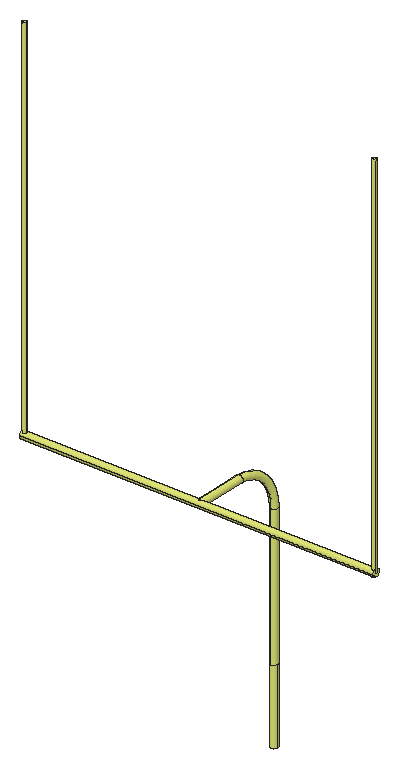
Revit family "Goalpost_PerfectGoal_Gooseneck", category Site, Revit 2024
Family settings
  Round Connector Dimension = Use Diameter
  Part Type = Normal
  OmniClass Number = 23.40.50.34.14
  OmniClass Title = Gymnasium Equipment
  Work Plane-Based = No
  Always vertical = Yes
  Cut with Voids When Loaded = No
  Shared = No
Parameters (values of type "FB45CG")
  URL = "https://ipibybison.com/"
  Total Width = Goal Clearance + (2 * (0' 2 3/8"))  # 18' - 10 3/4"
  Total Height = Rail Elevation + Post Height - 0' 4 1/2"  # 29' - 7 1/2"
  Test Data = "http://www.ipibybison.com/ToolBox.php"
  Specification = "https://www.arcat.com/arcatcos/cos49/arc49571.html"
  Setback = 5' - 0"
  Sales Information = "http://www.ipibybison.com/DealersPage.php"
  Revision = "R1_2018-09"
  Rail Elevation = 10' - 0"
  Product Data = "http://www.arcat.com/arcatcos/cos38/arc38554.html"
  Model = "As Specified"
  Manufacturer Website = "http://www.ipibybison.com/"
  Manufacturer Phone - Toll Free = "888-438-5311"
  Manufacturer Phone = "888-438-5311"
  Manufacturer Fax = "888-438-5312"
  Manufacturer Address = "603 L St.   Lincoln, NE 68508"
  Manufacturer = "BRP by bison"
  Keynote = "11 66 00"
  Installation-Fabrication = "http://www.ipibybison.com/InstallersPage.php"
  Green Building-LEED = "https://www.arcat.com/green/green_building.shtml"
  Gooseneck Diameter = 0' - 4 1/2"
  Post Height = 20' - 0"
  Goal Post Finish = Powder Coat - Specify Color
  Goal Clearance = 18' - 6"
  Embedding Depth = 4' - 0"
  Drawn By = "Sumex Design, Inc. / Robert S. Weygant, CSI, CDT, SCIP"
  Description = "IPI by Bison Gymnasium Equipment"
  Copyright = "©Arcat Inc."
  Construction Details = "https://www.arcat.com/downloads/38554-brpbis/bim/bison/BRP%20by%20bison"
  Category = ""
  Building Codes = "https://www.brpbybison.com/submittals.html"
Types (6): name | Total Width | Setback | Gooseneck Diameter | Goal Clearance
  FB45HS | 23' - 8 3/4" | 5' - 0" | 0' - 4 1/2" | 23' - 4"
  FB45CG | 18' - 10 3/4" | 5' - 0" | 0' - 4 1/2" | 18' - 6"
  FB55CG | 18' - 10 3/4" | 6' - 0" | 0' - 5 9/16" | 18' - 6"
  FB55HS | 23' - 8 3/4" | 6' - 0" | 0' - 5 9/16" | 23' - 4"
  FB58CG | 18' - 10 3/4" | 8' - 0" | 0' - 5 9/16" | 18' - 6"
  FB58HS | 23' - 8 3/4" | 8' - 0" | 0' - 5 9/16" | 23' - 4"
Reference planes (in)
  plane 1 "Center (Front/Back)": y = 0
  plane 2 "Bottom": z = 0
  plane 3 "Center (Left/Right)": x = 0
  plane 4 "Left": x = -113.375
  plane 5 "Right": x = 113.375
  plane 6: z = 120
  plane 7: z = 117.75
  plane 8 "Rail Alignment": y = -60
  plane 9: z = 115.5
  plane 10 "Top": z = 355.5
  plane 11: x = -112.1875
  plane 12: x = 112.1875
  plane 13: x = -111
  plane 14: x = 111
  plane 15: z = -48
Forms (in)
  Sweep 1, solid, material "Powder Coat - Specify Color" <- "Goal Post Finish"
    path origin (0, 0, 0) x (0, 1, 0) y (0, 0, 1)
      loop
        line (-60, 117.75) -> (-28, 117.75)
        arc (-28, 117.75) -> (-8.20101, 109.54899) -> (0, 89.75) r 28
        line (0, 89.75) -> (0, 0)
    profile origin (0, -44, 117.75) x (0, 0, 1) y (1, 0, 0)
      loop
        circle (0, 0) r 2.25
  Extrusion 2, solid, material "Powder Coat - Specify Color" <- "Goal Post Finish"
    sketch origin (0, 0, 0) x (1, 0, 0) y (0, 1, 0)
      loop
        circle (-112.1875, -60) r 1.1875
      loop
        circle (112.1875, -60) r 1.1875
    from 117.75 to 355.5
  Extrusion 3, solid, material "Powder Coat - Specify Color" <- "Goal Post Finish"
    sketch origin (0, 0, 0) x (1, 0, 0) y (0, 1, 0)
      loop
        circle (0, 0) r 2.25
    from -48 to 0
  Extrusion 4, solid, material "Powder Coat - Specify Color" <- "Goal Post Finish"
    sketch origin (0, 0, 0) x (0, 1, 0) y (0, 0, 1)
      loop
        circle (-60, 117.75) r 2.25
    from -113.375 to 113.375
Dimensions and locks (in)
  equal spacing: plane 4 "Left", plane 3 "Center (Left/Right)", plane 5 "Right"
  "Rail Elevation": plane 6 to plane 2 "Bottom"
  locked: plane 6 to plane 7 at 2.25
  "Setback": plane 8 "Rail Alignment" to plane 1 "Center (Front/Back)"
  equal spacing: plane 6, plane 7, plane 9
  "Post Height": plane 10 "Top" to plane 9
  equal spacing: plane 4 "Left", plane 11, plane 13
  locked: plane 4 "Left" to plane 13 at 2.375
  equal spacing: plane 5 "Right", plane 12, plane 14
  locked: plane 5 "Right" to plane 14 at 2.375
  "Goal Clearance": plane 13 to plane 14
  "Embedding Depth": level to plane 15
  "Gooseneck Diameter": diameter of Extrusion 4 sketch curve
  "Gooseneck Diameter": diameter of Sweep 1 sketch curve
  "Gooseneck Diameter": diameter of Extrusion 3 sketch curve
  aligned and locked: plane 2 "Bottom" to level
  aligned and locked: plane 7 to Sweep 1 sketch curve  (x2)
  aligned and locked: plane 8 "Rail Alignment" to Sweep 1 sketch curve
  aligned and locked: Sweep 1 sketch curve to plane 1 "Center (Front/Back)"
  aligned and locked: level to Sweep 1 sketch curve
  aligned and locked: plane 3 "Center (Left/Right)" to Sweep 1 sketch curve
  aligned and locked: plane 11 to Extrusion 2 sketch curve
  aligned and locked: plane 8 "Rail Alignment" to Extrusion 2 sketch curve  (x2)
  aligned and locked: plane 12 to Extrusion 2 sketch curve
  aligned and locked: Extrusion 2 to plane 10 "Top"
  aligned and locked: Extrusion 2 to plane 7
  aligned and locked: plane 3 "Center (Left/Right)" to Extrusion 3 sketch curve
  aligned and locked: plane 1 "Center (Front/Back)" to Extrusion 3 sketch curve
  aligned and locked: level to Extrusion 3
  aligned and locked: plane 15 to Extrusion 3
  aligned and locked: plane 8 "Rail Alignment" to Extrusion 4 sketch curve
  aligned and locked: plane 7 to Extrusion 4 sketch curve
  aligned and locked: Extrusion 4 to plane 5 "Right"
  aligned and locked: Extrusion 4 to plane 4 "Left"
Automatic sketch dimensions
  Sweep 1 sketch curve to Sweep 1 sketch curve = 2' - 4"
  radius of Extrusion 2 sketch curve = 0' - 1 3/16"  (x2)
